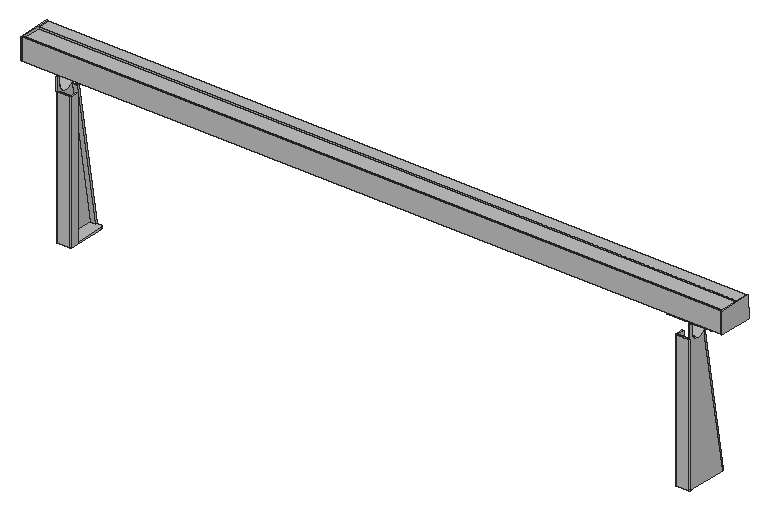
Revit family "4070765+4070747+4070772 Feilo Sylvania Lighting Fixtures CURSUS 1161MM 827LM OVAL LED 3K with SINGLE WALL HOUSING with 250MM WALL BRACKET", category Lighting Fixtures, host Face, Revit 2017
Family settings
  Host = Face
  Round Connector Dimension = Use Diameter
  Part Type = Normal
  OmniClass Number = 23.80.70.14
  OmniClass Title = Luminaries for External Lighting
  Cut with Voids When Loaded = Yes
  Light Source = No
  Shared = No
  Room Calculation Point = No
Parameters (values of type "4070765 CURSUS 1161MM 827LM OVAL LED 3K")
  Weight = "2.2 kg"
  Wattage Comments = "n/a"
  WarrantyStartDate [instance] = "n/a"
  WarrantyGuarantorParts = "n/a"
  WarrantyDurationUnit = "n/a"
  WarrantyDurationParts = "n/a"
  WarrantyDescription = "n/a"
  Voltage = 24 V
  URL = "http://www.sylvania-lighting.com"
  TypeName = "CURSUS 1161MM 827LM OVAL LED 3K"
  TypeFixture_FEILO = CURSUS with SINGLE WALL HOUSING : CURSUS 1161MM 827LM OVAL LED 3K
  Type Image = <None>
  Type Comments = "n/a"
  TiltAngle [instance] = 0.00°
  StartAngle [instance] = TiltAngle + 270.00°  # 270.00°
  SerialNumber [instance] = "n/a"
  ReflectorMaterial = none
  PowerFactor = 0
  PowerConsumption = "18 W"
  NominalLength = 1161 mm
  NominalHeight = 50 mm
  NominalDepth = 30 mm
  Name = "CURSUS 1161MM 827LM OVAL LED 3K"
  ModelReference = Name  # "CURSUS 1161MM 827LM OVAL LED 3K"
  ModelNumber = "4070765"
  Model = Name  # "CURSUS 1161MM 827LM OVAL LED 3K"
  Material = "natural anodised extruded aluminium structure housing, optical system with pmma lenses diffuser"
  ManufacturerName = "Feilo Sylvania"
  Manufacturer = "Feilo Sylvania"
  LuminousEfficacy = "45.94 lm/W"
  LuminaireType = ""
  LightOutputRatio = "100"
  LampsType = Lamp  # "LED"
  LampNominalLuminous = "827 lm"
  LampMacAdamStep = "n/a"
  LampColourTemperature = "3000 K"
  LampColourRenderingIndex = "80"
  Lamp = "LED"
  Keynote = "16500"
  InstallationDate [instance] = "n/a"
  InputVoltage = "24V DC"
  InputNominalFrequency = "n/a"
  IngressProtection = "IP67"
  ImpactProtectionIndex = "IK07"
  IfcExportType = "IfcLightFixtureType"
  IfcExportAs = "IfcLightFixtureType"
  ExpectedLife = 50000
  EndAngle [instance] = StartAngle - 180.00°  # 90.00°
  ElectricShockClassification = "Class III"
  DurationUnit = "hours"
  DocumentationLiterature = "http://www.sylvania-lighting.com/product/en-int/products/4070765"
  DimmingControlOptions = "n/a"
  DiffuserMaterial = Diffuser-Sylvania-Glow
  Description = "LED Exterior Lighting Recessed Surface Mounted Linear Fixture, Natural anodised extruded aluminium structure. Die-cast aluminium end caps. Installation kit with harmonic steel springs., 827 lm, 18W, 45lm/W, 3000K, CRI80+,non dimmable,IP67, IK07, (HxWxD) 1161x50x30mm, 3 step Mac Adam Ellipse, 2.2kg,, Classe III, 21-25V-DC, energy class : A++, A+, A"
  Default Elevation = 1219.2 mm
  CreatedOn = "1/8/2018"
  CreatedBy = ""
  Cost = 0
  built-in parameter 1114216 [instance] = (empty or 0)
  ClassificationValue = "EF_70_80"
  ClassificationName = "Uniclass2015"
  BracketWidth = 24 mm
  BracketThickness = 2 mm
  BracketHeightEnd = 32 mm
  BracketHeight = 70 mm
  BracketFlange = BracketHeight / 5  # 14 mm
  BracketExtension = 250 mm
  BracketEndReduction = 25 mm
  BracketC = 22 mm  # constant formula
  BracketDistance = 1030 mm
  BracketD = BracketHeightEnd - (BracketC * (BracketHeight - BracketHeightEnd) / (BracketExtension - BracketEndReduction))  # 28.284 mm
  BodyMaterial = Body-Sylvania-Gray
  BarCode [instance] = "n/a"
  AssetType = "Fixed"
  AssetIdentifier [instance] = "n/a"
  Assembly Code = "D5020200"
  Apparent Load = 18 VA
  AccessoryMaterial = Diffuser-Sylvania-Glow
Reference planes
  plane 1 "Center (Front/Back)": y = 0
  plane 2: z = 0
  plane 3 "Center (Left/Right)": x = 0
  plane 4: x = -527
  plane 5: x = 527
  plane 6: y = 70
  plane 7: x = -503
  plane 8: x = 503
  plane 9: z = 250
  plane 10: z = 236
  plane 11: z = 2
  plane 12: z = 225
  plane 13: x = -525
  plane 14: y = 68
  plane 15: y = 2
  plane 16: x = -505
  plane 17: x = 505
  plane 18: x = 525
  plane 19: x = -515
  plane 20: x = 515
  plane 21: y = 14
  plane 22: y = 32
  plane 23: y = 30
  plane 24: z = 247
  plane 25: y = 28.284
  plane 26: y = 16
Forms (mm)
  Blend 1, solid, material "Body-Sylvania-Gray" <- "BodyMaterial"
    base sketch origin (1223.4, -4572, 2) x (0, -1, 0) y (1, 0, 0)
      loop
        line (-4640, -1738.4) -> (-4642, -1738.4) -> (-4642, -1748.4)
        arc (-4642, -1748.4) -> (-4641.414, -1749.814) -> (-4640, -1750.4) r 2
        line (-4640, -1750.4) -> (-4574, -1750.4)
        arc (-4574, -1750.4) -> (-4572.586, -1749.814) -> (-4572, -1748.4) r 2
        line (-4572, -1748.4) -> (-4572, -1728.4)
        arc (-4572, -1728.4) -> (-4572.586, -1726.986) -> (-4574, -1726.4) r 2
        line (-4574, -1726.4) -> (-4586, -1726.4) -> (-4586, -1728.4) -> (-4574, -1728.4) -> (-4574, -1748.4) -> (-4640, -1748.4) -> (-4640, -1738.4)
    top sketch origin (1223.4, -4572, 2) x (0, -1, 0) y (1, 0, 0)
      loop
        line (-4586, -1728.4) -> (-4574, -1728.4) -> (-4574, -1748.4) -> (-4602, -1748.4) -> (-4602, -1738.4) -> (-4604, -1738.4) -> (-4604, -1748.4)
        arc (-4604, -1748.4) -> (-4603.52, -1749.71) -> (-4602.309, -1750.4) r 2.028
        line (-4602.309, -1750.4) -> (-4574, -1750.4)
        arc (-4574, -1750.4) -> (-4572.586, -1749.814) -> (-4572, -1748.4) r 2
        line (-4572, -1748.4) -> (-4572, -1728.4)
        arc (-4572, -1728.4) -> (-4572.586, -1726.986) -> (-4574, -1726.4) r 2
        line (-4574, -1726.4) -> (-4586, -1726.4) -> (-4586, -1728.4)
    from 0 to 223
  Extrusion 2, solid, material "Body-Sylvania-Gray" <- "BodyMaterial"
    sketch origin (0, 0, 0) x (1, 0, 0) y (0, 1, 0)
      loop
        arc (-525, 70) -> (-526.414, 69.414) -> (-527, 68) r 2
        line (-527, 68) -> (-527, 2)
        arc (-527, 2) -> (-526.414, 0.586) -> (-525, 0) r 2
        line (-525, 0) -> (-505, 0)
        arc (-505, 0) -> (-503.586, 0.586) -> (-503, 2) r 2
        line (-503, 2) -> (-503, 62.5)
        arc (-503, 62.5) -> (-505.197, 67.803) -> (-510.5, 70) r 7.5
        line (-510.5, 70) -> (-525, 70)
      loop
        line (525, 70) -> (510.5, 70)
        arc (510.5, 70) -> (505.197, 67.803) -> (503, 62.5) r 7.5
        line (503, 62.5) -> (503, 2)
        arc (503, 2) -> (503.586, 0.586) -> (505, 0) r 2
        line (505, 0) -> (525, 0)
        arc (525, 0) -> (526.414, 0.586) -> (527, 2) r 2
        line (527, 2) -> (527, 68)
        arc (527, 68) -> (526.414, 69.414) -> (525, 70) r 2
    from 0 to 2
  Blend 3, solid, material "Body-Sylvania-Gray" <- "BodyMaterial"
    base sketch origin (1223.4, -4572, 2) x (0, -1, 0) y (1, 0, 0)
      loop
        line (-4640, -698.4) -> (-4574, -698.4) -> (-4574, -718.4) -> (-4586, -718.4) -> (-4586, -720.4) -> (-4574, -720.4)
        arc (-4574, -720.4) -> (-4572.586, -719.814) -> (-4572, -718.4) r 2
        line (-4572, -718.4) -> (-4572, -698.4)
        arc (-4572, -698.4) -> (-4572.586, -696.986) -> (-4574, -696.4) r 2
        line (-4574, -696.4) -> (-4640, -696.4)
        arc (-4640, -696.4) -> (-4641.414, -696.986) -> (-4642, -698.4) r 2
        line (-4642, -698.4) -> (-4642, -708.4) -> (-4640, -708.4) -> (-4640, -698.4)
    top sketch origin (1223.4, -4572, 2) x (0, -1, 0) y (1, 0, 0)
      loop
        line (-4602, -708.4) -> (-4602, -698.4) -> (-4574, -698.4) -> (-4574, -718.4) -> (-4586, -718.4) -> (-4586, -720.4) -> (-4574, -720.4)
        arc (-4574, -720.4) -> (-4572.586, -719.814) -> (-4572, -718.4) r 2
        line (-4572, -718.4) -> (-4572, -698.4)
        arc (-4572, -698.4) -> (-4572.586, -696.986) -> (-4574, -696.4) r 2
        line (-4574, -696.4) -> (-4602, -696.4)
        arc (-4602, -696.4) -> (-4603.414, -696.986) -> (-4604, -698.4) r 2
        line (-4604, -698.4) -> (-4604, -708.4) -> (-4602, -708.4)
    from 0 to 223
  Blend 4, solid, material "Body-Sylvania-Gray" <- "BodyMaterial"
    base sketch origin (1223.4, -4572, 225) x (0, -1, 0) y (1, 0, 0)
      loop
        line (-4604, -1750.4) -> (-4572, -1750.4) -> (-4572, -1748.4) -> (-4604, -1748.4) -> (-4604, -1750.4)
    top sketch origin (1223.4, -4572, 225) x (0, -1, 0) y (1, 0, 0)
      loop
        line (-4572, -1750.4) -> (-4572, -1748.4) -> (-4600.284, -1748.4) -> (-4600.284, -1750.4) -> (-4572, -1750.4)
    from 0 to 22
  Blend 5, solid, material "Body-Sylvania-Gray" <- "BodyMaterial"
    base sketch origin (1223.4, -4572, 225) x (0, -1, 0) y (1, 0, 0)
      loop
        line (-4604, -698.4) -> (-4572, -698.4) -> (-4572, -696.4) -> (-4604, -696.4) -> (-4604, -698.4)
    top sketch origin (1223.4, -4572, 225) x (0, -1, 0) y (1, 0, 0)
      loop
        line (-4572, -696.4) -> (-4600.284, -696.4) -> (-4600.284, -698.4) -> (-4572, -698.4) -> (-4572, -696.4)
    from 0 to 22
  Extrusion 6, void
    sketch origin (0, 0, 0) x (0, 1, 0) y (0, 0, 1)
      loop
        line (0, 225) -> (2, 225) -> (2, 226.5) -> (0, 226.5) -> (0, 225)
      loop
        line (32, 225) -> (32, 226.5) -> (30, 226.5) -> (30, 225) -> (32, 225)
    from -527 to 527
  Revolve 7, solid, not visible
    sketch origin (1524, 16, 1219.2) x (1, 0, 0) y (0, 0, 1)
      loop
        line (-1524, -972.2) -> (-1524, -983.2) -> (-1009, -983.2) -> (-1009, -972.2) -> (-1524, -972.2)
      axis (-1009, -983.2) -> (-1524, -983.2)
    angle from 270 <- "StartAngle" to 90 <- "EndAngle"
Cuts and joins
  Extrusion 6 cuts Blend 4
  Extrusion 6 cuts Blend 5
  joined: Blend 1, Extrusion 2, Blend 3, Blend 4, Blend 5
Lines and regions (mm)
  reference lines, not visible
    curve 1: line (-503, 16, 236) -> (503, 16, 236)
Dimensions and locks
  equal spacing: plane 4, plane 3 "Center (Left/Right)", plane 5
  "BracketDistance": plane 19 to plane 20
  "BracketHeight": plane 1 "Center (Front/Back)" to plane 6
  equal spacing: plane 7, plane 3 "Center (Left/Right)", plane 8
  "BracketWidth": plane 4 to plane 7
  "BracketExtension": plane 9 to plane 2
  "BracketThickness": plane 11 to plane 2
  "BracketEndReduction": plane 9 to plane 12
  equal spacing: plane 13, plane 3 "Center (Left/Right)", plane 18
  equal spacing: plane 16, plane 3 "Center (Left/Right)", plane 17
  "BracketThickness": plane 4 to plane 13
  "BracketThickness": plane 16 to plane 7
  "BracketThickness": plane 14 to plane 6
  "BracketThickness": plane 1 "Center (Front/Back)" to plane 15
  equal spacing: plane 4, plane 19, plane 7
  equal spacing: plane 8, plane 20, plane 5
  "BracketFlange": plane 1 "Center (Front/Back)" to plane 21
  "BracketHeightEnd": plane 1 "Center (Front/Back)" to plane 22
  "BracketThickness": plane 23 to plane 22
  locked: Extrusion 2 sketch curve to plane 7 at 7.5
  locked: Extrusion 2 sketch curve to plane 6 at 7.5  (x2)
  locked: plane 8 to Extrusion 2 sketch curve at 7.5
  "BracketC": plane 24 to plane 12
  "BracketD": plane 1 "Center (Front/Back)" to plane 25
  locked: plane 12 to Extrusion 6 sketch curve at 1.5
  equal spacing: plane 24, plane 10, plane 12
  equal spacing: plane 1 "Center (Front/Back)", plane 26, plane 22
  aligned and locked: plane 2 to host face
  aligned and locked: level to host face
  aligned and locked: plane 4 to Blend 1 sketch curve  (x2)
  aligned and locked: plane 13 to Blend 1 sketch curve  (x3)
  aligned and locked: Blend 1 sketch curve to plane 15
  aligned and locked: Blend 1 sketch curve to plane 16
  aligned and locked: Blend 1 sketch curve to plane 21
  aligned and locked: plane 7 to Blend 1 sketch curve
  aligned and locked: plane 16 to Blend 1 sketch curve
  aligned and locked: plane 1 "Center (Front/Back)" to Blend 1 sketch curve
  aligned and locked: plane 14 to Blend 1 sketch curve
  aligned and locked: Blend 1 sketch curve to var sketch  (x6)
  aligned and locked: Blend 1 sketch curve to plane 19
  aligned and locked: Blend 1 sketch curve to plane 22
  aligned and locked: plane 23 to Blend 1 sketch curve
  aligned and locked: plane 11 to Blend 1
  aligned and locked: Extrusion 2 sketch curve to Blend 1  (x3)
  aligned and locked: Extrusion 2 to level
  aligned and locked: Extrusion 2 to plane 11
  aligned and locked: Extrusion 2 sketch curve to plane 7
  aligned and locked: plane 18 to Blend 3 sketch curve  (x4)
  aligned and locked: plane 14 to Blend 3 sketch curve  (x2)
  aligned and locked: Blend 3 sketch curve to plane 20
  aligned and locked: Blend 3 sketch curve to plane 6
  aligned and locked: plane 5 to Blend 3 sketch curve
  aligned and locked: plane 1 "Center (Front/Back)" to Blend 3 sketch curve
  aligned and locked: plane 15 to Blend 3 sketch curve  (x2)
  aligned and locked: Blend 3 sketch curve to plane 8
  aligned and locked: Blend 3 sketch curve to plane 21
  aligned and locked: plane 17 to Blend 3 sketch curve
  aligned and locked: Blend 3 sketch curve to plane 18
  aligned and locked: plane 20 to Blend 3 sketch curve  (x2)
  aligned and locked: Blend 3 sketch curve to plane 23
  aligned and locked: Blend 3 sketch curve to var sketch  (x8)
  aligned and locked: var sketch to Blend 3 sketch curve
  aligned and locked: plane 22 to Blend 3 sketch curve
  aligned and locked: plane 11 to Blend 3
  aligned and locked: Extrusion 2 sketch curve to Blend 3  (x4)
  aligned and locked: Blend 1 to plane 12
  aligned and locked: Blend 3 to plane 12
  aligned and locked: Blend 4 sketch curve to plane 22
  aligned and locked: Blend 4 sketch curve to cut or joined group of Blend 1, Extrusion 2, Blend 3, Blend 4, Blend 5, Extrusion 6  (x2)
  aligned and locked: cut or joined group of Blend 1, Extrusion 2, Blend 3, Blend 4, Blend 5, Extrusion 6 to Blend 4 sketch curve
  aligned and locked: Blend 4 sketch curve to var sketch  (x2)
  aligned and locked: Blend 4 sketch curve to plane 13
  aligned and locked: Blend 4 to plane 24
  aligned and locked: Blend 4 sketch curve to plane 25
  aligned and locked: Blend 5 sketch curve to plane 18  (x2)
  aligned and locked: plane 1 "Center (Front/Back)" to Blend 5 sketch curve
  aligned and locked: plane 5 to Blend 5 sketch curve
  aligned and locked: plane 22 to Blend 5 sketch curve
  aligned and locked: Blend 5 sketch curve to var sketch
  aligned and locked: var sketch to Blend 5 sketch curve
  aligned and locked: Blend 5 sketch curve to plane 25
  aligned and locked: Blend 5 to plane 24
  aligned and locked: plane 12 to Blend 5
  aligned and locked: Extrusion 6 sketch curve to cut or joined group of Blend 1, Extrusion 2, Blend 3, Blend 4, Blend 5, Extrusion 6  (x2)
  aligned and locked: Extrusion 6 sketch curve to Extrusion 6 sketch curve
  aligned and locked: Extrusion 6 sketch curve to plane 15
  aligned and locked: plane 5 to Extrusion 6
  aligned and locked: Extrusion 6 to plane 4
  aligned and locked: Extrusion 6 sketch curve to plane 23
  aligned and locked: Revolve 7 sketch curve to plane 10  (x2)
  aligned and locked: plane 24 to Revolve 7 sketch curve
  aligned and locked: plane 3 "Center (Left/Right)" to Revolve 7 sketch curve
  aligned and locked: Revolve 7 sketch curve to plane 20
  aligned and locked: plane 7 to curve 1
  aligned and locked: plane 10 to curve 1
  aligned and locked: nested 1 to plane 5
  aligned and locked: nested 2 to plane 4
  aligned and locked: nested 1 to curve 1
  aligned and locked: nested 2 to curve 1
  aligned and locked: nested 1 to nested 3
  aligned and locked: nested 3 to plane 3 "Center (Left/Right)"
Automatic sketch dimensions
  host sketch curve to host sketch curve = 2438.4 mm  (x2)
  Blend 1 sketch curve to plane 13 = 0 mm
  plane 15 to Blend 1 sketch curve = 0 mm  (x3)
  Blend 1 sketch curve to plane 23 = 0.309 mm
  plane 6 to Blend 1 sketch curve = 0 mm
  plane 14 to Blend 1 sketch curve = 0 mm
  Blend 1 sketch curve to plane 19 = 0 mm
  Blend 3 sketch curve to plane 17 = 0 mm
  Extrusion 6 sketch curve to plane 1 "Center (Front/Back)" = 0 mm
  plane 12 to Extrusion 6 sketch curve = 0 mm
  Revolve 7 sketch curve to plane 4 = 1153 mm
  plane 5 to Revolve 7 sketch curve = 1161.4 mm
  curve 1 to plane 8 = 0 mm
Nested families
  nested 1: "MountingPlate" at (526, 16, 236) x (-1, 0, 0) z (0, 0, 1), type "MountingPlate"
  nested 2: "MountingPlate" at (-526, 16, 236) x (-1, 0, 0) z (0, 0, 1), type "MountingPlate"
  nested 3: "CURSUS with SINGLE WALL HOUSING" at (0, -4, 254) x (-1, 0, 0) z (0, 0, 1), type <- "TypeFixture_FEILO", type "CURSUS 1161MM 827LM OVAL LED 3K"
    with WarrantyStartDate "n/a", SerialNumber "n/a", InstallationDate "n/a", EndCapRight yes, EndCapLeft yes, built-in parameter 1114216 (empty or 0), BarCode "n/a", AssetIdentifier "n/a"
Connectors
  electrical at (0, 0, 0), driven by "Voltage", driven by "Apparent Load", driven by "PowerFactor"
    settings: index 1, voltage 24 V, apparent load 18 VA, apparent load phase1 0 VA, apparent load phase2 0 VA, apparent load phase3 0 VA, power factor 0, load classification "Other", number of poles 1, system type 30, power factor state 1, is connector primary yes, connector utility no, sub classification motor no, connector description ""
Definition of nested family "MountingPlate"
  Parameters (values of type "MountingPlate")
    URL = "http://www.feilosylvania.com"
    Type Comments = "n/a"
    ReflectorMaterial = none
    MountingPlateWidth = 76 mm
    MountingPlateThickness = 2 mm
    MountingPlateRadiusBack = 12 mm
    MountingPlateRadius = 3 mm
    MountingPlateHeight = 35 mm
    Model = "n/a"
    Manufacturer = "Feilo Sylvania"
    Keynote = "n/a"
    DiffuserMaterial = none
    Description = "n/a"
    Default Elevation = 1219.2 mm
    Cost = 0
    BodyMaterial = none
    Assembly Code = "n/a"
    AccessoryMaterial = none
  Reference planes
    plane 1 "Center (Front/Back)": y = 0
    plane 2: z = 0
    plane 3 "Center (Left/Right)": x = 0
    plane 4: x = -38
    plane 5: x = 38
    plane 6: y = 17.5
    plane 7: y = -17.5
    plane 8: x = -3
    plane 9: x = 3
    plane 10: z = 18
    plane 11: z = 16
    plane 12: y = 12.5
    plane 13: y = -12.5
    plane 14: x = -1
    plane 15: x = 1
    plane 16: z = -12.5
    plane 17: z = -14.5
  Forms (mm)
    Extrusion 1, solid
      sketch origin (1.653, 0, 0) x (1, 0, 0) y (0, 1, 0)
        loop
          line (-1219.2, 1219.2) -> (-1219.2, -1219.2) -> (1219.2, -1219.2) -> (1219.2, 1219.2) -> (-1219.2, 1219.2)
      from 0 to -304.8
    Extrusion 2, solid, material <- "BodyMaterial"
      sketch origin (1218.4, -4572, 16) x (0, -1, 0) y (-1, 0, 0)
        loop
          line (-4589.5, 1253.4) -> (-4589.5, 1224.4)
          arc (-4589.5, 1224.4) -> (-4588.621, 1222.279) -> (-4586.5, 1221.4) r 3
          line (-4586.5, 1221.4) -> (-4557.5, 1221.4)
          arc (-4557.5, 1221.4) -> (-4555.379, 1222.279) -> (-4554.5, 1224.4) r 3
          line (-4554.5, 1224.4) -> (-4554.5, 1253.4)
          arc (-4554.5, 1253.4) -> (-4555.379, 1255.521) -> (-4557.5, 1256.4) r 3
          line (-4557.5, 1256.4) -> (-4586.5, 1256.4)
          arc (-4586.5, 1256.4) -> (-4588.621, 1255.521) -> (-4589.5, 1253.4) r 3
        loop
          arc (-4589.5, 1183.4) -> (-4588.621, 1181.279) -> (-4586.5, 1180.4) r 3
          line (-4586.5, 1180.4) -> (-4557.5, 1180.4)
          arc (-4557.5, 1180.4) -> (-4555.379, 1181.279) -> (-4554.5, 1183.4) r 3
          line (-4554.5, 1183.4) -> (-4554.5, 1212.4)
          arc (-4554.5, 1212.4) -> (-4555.379, 1214.521) -> (-4557.5, 1215.4) r 3
          line (-4557.5, 1215.4) -> (-4586.5, 1215.4)
          arc (-4586.5, 1215.4) -> (-4588.621, 1214.521) -> (-4589.5, 1212.4) r 3
          line (-4589.5, 1212.4) -> (-4589.5, 1183.4)
      from 0 to -2
    Extrusion 3, solid, material <- "BodyMaterial"
      sketch origin (0, 0, 0) x (1, 0, 0) y (0, 0, 1)
        loop
          line (-3, 18) -> (-3, -12.5) -> (-1, -12.5) -> (-1, 16)
          arc (-1, 16) -> (-1.586, 17.414) -> (-3, 18) r 2
        loop
          line (3, -12.5) -> (3, 18)
          arc (3, 18) -> (1.586, 17.414) -> (1, 16) r 2
          line (1, 16) -> (1, -12.5) -> (3, -12.5)
      from -12.5 to 12.5
    Extrusion 4, void
      sketch origin (0, 0, 0) x (0, 1, 0) y (0, 0, 1)
        loop
          line (-12.5, -0.5) -> (-17.5, -0.5) -> (-17.5, -14.5) -> (-0.5, -14.5) -> (-0.5, -12.5)
          arc (-0.5, -12.5) -> (-8.985, -8.985) -> (-12.5, -0.5) r 12
        loop
          line (0.5, -12.5) -> (0.5, -14.5) -> (17.5, -14.5) -> (17.5, -0.5) -> (12.5, -0.5)
          arc (12.5, -0.5) -> (8.985, -8.985) -> (0.5, -12.5) r 12
      from -3 to 3
  Cuts and joins
    Extrusion 4 cuts Extrusion 2
    Extrusion 4 cuts Extrusion 3
    joined: Extrusion 2, Extrusion 3
  Lines and regions (mm)
    reference lines
      curve 1: line (-38, 0, 0) -> (38, 0, 0)
  Dimensions and locks
    equal spacing: plane 4, plane 3 "Center (Left/Right)", plane 5
    "MountingPlateWidth": plane 4 to plane 5
    equal spacing: plane 7, plane 1 "Center (Front/Back)", plane 6
    "MountingPlateHeight": plane 7 to plane 6
    equal spacing: plane 8, plane 3 "Center (Left/Right)", plane 9
    "MountingPlateHeight": plane 4 to plane 8
    locked: plane 10 to plane 2 at 18
    "MountingPlateThickness": plane 10 to plane 11
    equal spacing: plane 13, plane 1 "Center (Front/Back)", plane 12
    locked: plane 13 to plane 12 at 25
    "MountingPlateRadius": plane 4 to Extrusion 2 sketch curve  (x2)
    "MountingPlateRadius": Extrusion 2 sketch curve to plane 6  (x4)
    "MountingPlateRadius": Extrusion 2 sketch curve to plane 8  (x2)
    "MountingPlateRadius": plane 7 to Extrusion 2 sketch curve  (x4)
    "MountingPlateRadius": plane 9 to Extrusion 2 sketch curve  (x2)
    "MountingPlateRadius": Extrusion 2 sketch curve to plane 5  (x2)
    equal spacing: plane 15, plane 3 "Center (Left/Right)", plane 14
    "MountingPlateThickness": plane 14 to plane 8
    locked: plane 2 to plane 16 at 12.5
    locked: plane 17 to plane 16 at 2
    "MountingPlateRadiusBack": plane 13 to Extrusion 4 sketch curve
    "MountingPlateRadiusBack": plane 16 to Extrusion 4 sketch curve  (x2)
    "MountingPlateRadiusBack": Extrusion 4 sketch curve to plane 12
    aligned and locked: plane 2 to Extrusion 1
    aligned and locked: level to Extrusion 1
    aligned and locked: Extrusion 2 sketch curve to plane 6
    aligned and locked: Extrusion 2 sketch curve to plane 4
    aligned and locked: plane 7 to Extrusion 2 sketch curve
    aligned and locked: plane 8 to Extrusion 2 sketch curve
    aligned and locked: plane 6 to Extrusion 2 sketch curve
    aligned and locked: Extrusion 2 sketch curve to plane 5
    aligned and locked: Extrusion 2 sketch curve to plane 7
    aligned and locked: plane 9 to Extrusion 2 sketch curve
    aligned and locked: Extrusion 2 to plane 10
    aligned and locked: plane 11 to Extrusion 2
    aligned and locked: Extrusion 3 sketch curve to Extrusion 2  (x2)
    aligned and locked: plane 16 to Extrusion 3 sketch curve  (x2)
    aligned and locked: plane 14 to Extrusion 3 sketch curve
    aligned and locked: plane 9 to Extrusion 3 sketch curve
    aligned and locked: plane 15 to Extrusion 3 sketch curve
    aligned and locked: Extrusion 3 to plane 12
    aligned and locked: plane 13 to Extrusion 3
    aligned and locked: plane 17 to Extrusion 4 sketch curve  (x2)
    aligned and locked: Extrusion 4 sketch curve to plane 7
    aligned and locked: Extrusion 4 sketch curve to plane 6
    aligned and locked: plane 9 to Extrusion 4
    aligned and locked: Extrusion 4 to plane 8
    aligned and locked: plane 4 to curve 1
    aligned and locked: curve 1 to level
  Automatic sketch dimensions
    Extrusion 1 sketch curve to Extrusion 1 sketch curve = 2438.4 mm  (x2)
    Extrusion 3 sketch curve to plane 11 = 0 mm
    curve 1 to plane 5 = 0 mm
    Extrusion 4 sketch curve to plane 13 = 0 mm
    Extrusion 4 sketch curve to plane 12 = 0 mm
Definition of nested family "CURSUS with SINGLE WALL HOUSING"
  Parameters (values of type "CURSUS 1161MM 827LM OVAL LED 3K")
    Width_FEILO = 35 mm
    Weight = "2.2 kg"
    Wattage Comments = "n/a"
    Wattage = 18 W
    WarrantyStartDate [instance] = "n/a"
    WarrantyGuarantorParts = "n/a"
    WarrantyDurationUnit = "n/a"
    WarrantyDurationParts = "n/a"
    WarrantyDescription = "n/a"
    WallThickness_FEILO = 2.5 mm
    built-in parameter 1150110 = 1 (stored number, unit not read)
    Voltage = 24 V
    URL = "http://www.feilosylvania.com"
    TypeName = "CURSUS 1161MM 827LM OVAL LED 3K"
    Type Image = (empty or 0)
    Type Comments = "n/a"
    built-in parameter 1114217 = 1 (stored number, unit not read)
    Tilt Angle = -90.00°
    built-in parameter 1150109 = 1 (stored number, unit not read)
    built-in parameter 1150134 = (empty or 0)
    built-in parameter 1150113 = 1 (stored number, unit not read)
    SerialNumber [instance] = "n/a"
    ReflectorMaterial = none
    PowerFactor = 0
    PowerConsumption = "18 W"
    Photometric Web File = "4070765.ies"
    NominalLength = 1161 mm
    NominalHeight = 50 mm
    NominalDepth = 30 mm
    Name = "CURSUS 1161MM 827LM OVAL LED 3K"
    ModelReference = Name  # "CURSUS 1161MM 827LM OVAL LED 3K"
    ModelNumber = ""
    Model = Name  # "CURSUS 1161MM 827LM OVAL LED 3K"
    Material = "natural anodised extruded aluminium structure housing, optical system with pmma lenses diffuser"
    ManufacturerName = "Feilo Sylvania"
    Manufacturer = "Feilo Sylvania"
    LuminousEfficacy = "45.94 lm/W"
    built-in parameter 1150105 = 1166.5 (stored number, unit not read)
    Lumens = 827 lm
    LuminaireType = ""
    built-in parameter 1150115 = 1 (stored number, unit not read)
    LightOutputRatio = "100"
    built-in parameter 1150137 = (empty or 0)
    built-in parameter 1150139 = (empty or 0)
    Length_FEILO = 1167 mm
    LampsType = Lamp  # "LED"
    LampNominalLuminous = "827 lm"
    LampMacAdamStep = "n/a"
    LampColourTemperature = "3000 K"
    LampColourRenderingIndex = "80"
    built-in parameter 1150112 = 1 (stored number, unit not read)
    built-in parameter 1150114 = 1 (stored number, unit not read)
    Lamp = "LED"
    Keynote = "16500"
    InstallationDate [instance] = "n/a"
    InputVoltage = "24V DC"
    InputNominalFrequency = "n/a"
    built-in parameter 1150132 = (empty or 0)
    built-in parameter 1150102 = (empty or 0)
    built-in parameter 1150107 = 3000 (stored number, unit not read)
    built-in parameter 1150138 = (empty or 0)
    IngressProtection = "IP67"
    ImpactProtectionIndex = "IK07"
    built-in parameter 1150106 = 11.665 (stored number, unit not read)
    IfcExportType = "IfcLightFixtureType"
    IfcExportAs = "IfcLightFixtureType"
    ExpectedLife = 50000
    EndCapRight [instance] = yes
    EndCapLeft [instance] = yes
    Emit from Rectangle Width = Width_FEILO - WallThickness_FEILO * 2  # 30 mm
    Emit from Rectangle Length = Length_FEILO - WallThickness_FEILO * 2  # 1162 mm
    Emit Shape Visible in Rendering = no
    ElectricShockClassification = "Class III"
    built-in parameter 1150104 = 4.2684 (stored number, unit not read)
    DurationUnit = "hours"
    DocumentationLiterature = "http://www.feilosylvania.com/product/en-int/products/4070765"
    DimmingControlOptions = "n/a"
    Dimming Lamp Color Temperature Shift = (empty or 0)
    DiffuserMaterial = none
    Description = "LED Exterior Lighting Recessed Surface Mounted Linear Fixture, Natural anodised extruded aluminium structure. Die-cast aluminium end caps. Installation kit with harmonic steel springs., 827 lm, 18W, 45lm/W, 3000K, CRI80+,non dimmable,IP67, IK07, (HxWxD) 1161x50x30mm, 3 step Mac Adam Ellipse, 2.2kg,, Classe III, 21-25V-DC, energy class : A++, A+, A"
    Default Elevation = 1219.2 mm
    CreatedOn = "1/8/2018"
    CreatedBy = "aron.fodor@feilosylvania.com"
    Cost = 0
    Color Filter = 16777215
    built-in parameter 1114216 [instance] = (empty or 0)
    ClassificationValue = "EF_70_80"
    ClassificationName = "Uniclass2015"
    BodyMaterial = none
    BarCode [instance] = "n/a"
    built-in parameter 1114218 = 1 (stored number, unit not read)
    built-in parameter 1150133 = 10 (stored number, unit not read)
    AssetType = "Fixed"
    AssetIdentifier [instance] = "n/a"
    Assembly Code = "D5020200"
    Apparent Load = 18 VA
    AccessoryMaterial = none
  Types (16, lengths in mm): name | Weight | Wattage | Voltage | TypeName | built-in parameter 1150134 | PowerConsumption | Photometric Web File | NominalLength | Name | ModelReference | Model | Material | LuminousEfficacy | built-in parameter 1150105 | Lumens | Length_FEILO | LampNominalLuminous | LampColourTemperature | InputVoltage | InputNominalFrequency | built-in parameter 1150107 | built-in parameter 1150106 | Emit from Rectangle Length | built-in parameter 1150104 | DocumentationLiterature | Description | Apparent Load
    CURSUS 1161MM 827LM OVAL LED 3K | "2.2 kg" | 18 W | 24 V | "CURSUS 1161MM 827LM OVAL LED 3K" | (empty or 0) | "18 W" | "4070765.ies" | 1161 | "CURSUS 1161MM 827LM OVAL LED 3K" | "CURSUS 1161MM 827LM OVAL LED 3K" | "CURSUS 1161MM 827LM OVAL LED 3K" | "natural anodised extruded aluminium structure housing, optical system with pmma lenses diffuser" | "45.94 lm/W" | 1166.5 (stored number, unit not read) | 827 lm | 1167 | "827 lm" | "3000 K" | "24V DC" | "n/a" | 3000 (stored number, unit not read) | 11.665 (stored number, unit not read) | 1162 | 4.2684 (stored number, unit not read) | "http://www.feilosylvania.com/product/en-int/products/4070765" | "LED Exterior Lighting Recessed Surface Mounted Linear Fixture, Natural anodised extruded aluminium structure. Die-cast aluminium end caps. Installation kit with harmonic steel springs., 827 lm, 18W, 45lm/W, 3000K, CRI80+,non dimmable,IP67, IK07, (HxWxD) 1161x50x30mm, 3 step Mac Adam Ellipse, 2.2kg,, Classe III, 21-25V-DC, energy class : A++, A+, A" | 18 VA
    CURSUS 1161MM 731LM WIDE LED 3K | "2.2 kg" | 18 W | 230 V | "CURSUS 1161MM 731LM WIDE LED 3K" | (empty or 0) | "18 W" | "4070764.ies" | 1161 | "CURSUS 1161MM 731LM WIDE LED 3K" | "CURSUS 1161MM 731LM WIDE LED 3K" | "CURSUS 1161MM 731LM WIDE LED 3K" | "natural anodised extruded aluminium structure housing" | "40.61 lm/W" | 403.47 (stored number, unit not read) | 731 lm | 1167 | "731 lm" | "3000 K" | "220-240V~" | "n/a" | 3000 (stored number, unit not read) | 4.0347 (stored number, unit not read) | 1162 | 3.7729 (stored number, unit not read) | "http://www.feilosylvania.com/product/en-int/products/4070764" | "LED Exterior Lighting Recessed Surface Mounted Linear Fixture, Natural anodised extruded aluminium structure. Die-cast aluminium end caps. Installation kit with harmonic steel springs., 731 lm, 18W, 40lm/W, 3000K, CRI80+,non dimmable,IP67, IK07, (HxWxD) 1161x50x30mm, 3 step Mac Adam Ellipse, 2.2kg,, Classe III, 21-25V-DC, energy class : A++, A+, A" | 18 VA
    CURSUS 1161MM 871LM OVAL LED 4K | "2.2 kg" | 18 W | 24 V | "CURSUS 1161MM 871LM OVAL LED 4K" | 12 | "18 W" | "4070763.ies" | 1161 | "CURSUS 1161MM 871LM OVAL LED 4K" | "CURSUS 1161MM 871LM OVAL LED 4K" | "CURSUS 1161MM 871LM OVAL LED 4K" | "natural anodised extruded aluminium structure housing, optical system with pmma lenses diffuser" | "48.38 lm/W" | 1192.8 (stored number, unit not read) | 871 lm | 1167 | "871 lm" | "4000 K" | "24V DC" | "50/60 Hz" | 4000 (stored number, unit not read) | 11.928 (stored number, unit not read) | 1162 | 4.4955 (stored number, unit not read) | "http://www.feilosylvania.com/product/en-int/products/4070763" | "LED Exterior Lighting Recessed Surface Mounted Linear Fixture, Natural anodised extruded aluminium structure. Die-cast aluminium end caps. Installation kit with harmonic steel springs., 871 lm, 18W,  48lm/W, 4000K, CRI80+,non dimmable,IP67, IK07, (HxWxD) 1161x50x30mm, 3 step Mac Adam Ellipse, 2.2kg,, Classe III, 21-25V-DC, energy class : A++, A+, A" | 18 VA
    CURSUS 1161MM 770LM WIDE LED 4K | "2.2 kg" | 18 W | 230 V | "CURSUS 1161MM 770LM WIDE LED 4K" | 12 | "18 W" | "4070762.ies" | 1161 | "CURSUS 1161MM 770LM WIDE LED 4K" | "CURSUS 1161MM 770LM WIDE LED 4K" | "CURSUS 1161MM 770LM WIDE LED 4K" | "natural anodised extruded aluminium structure housing" | "42.77 lm/W" | 424.94 (stored number, unit not read) | 770 lm | 1167 | "770 lm" | "4000 K" | "220-240V~" | "n/a" | 4000 (stored number, unit not read) | 4.2494 (stored number, unit not read) | 1162 | 3.9742 (stored number, unit not read) | "http://www.feilosylvania.com/product/en-int/products/4070762" | "LED Exterior Lighting Recessed Surface Mounted Linear Fixture, Natural anodised extruded aluminium structure. Die-cast aluminium end caps. Installation kit with harmonic steel springs., 770 lm, 18W,  42lm/W, 4000K, CRI80+,non dimmable,IP67, IK07, (HxWxD) 1161x50x30mm, 3 step Mac Adam Ellipse, 2.2kg,, Classe III, 21-25V-DC, energy class : A++, A+, A" | 18 VA
    CURSUS 876MM 620LM OVAL LED 3K | "1.7 kg" | 13.5 W | 24 V | "CURSUS 876MM 620LM OVAL LED 3K" | (empty or 0) | "13.5 W" | "4070758.ies" | 876 | "CURSUS 876MM 620LM OVAL LED 3K" | "CURSUS 876MM 620LM OVAL LED 3K" | "CURSUS 876MM 620LM OVAL LED 3K" | "natural anodised extruded aluminium structure housing, optical system with pmma lenses diffuser" | "45.92 lm/W" | 874.55 (stored number, unit not read) | 620 lm | 882 | "620 lm" | "3000 K" | "24V DC" | "50/60 Hz" | 3000 (stored number, unit not read) | 8.7455 (stored number, unit not read) | 877 | 4.2667 (stored number, unit not read) | "http://www.feilosylvania.com/product/en-int/products/4070758" | "LED Exterior Lighting Recessed Surface Mounted Linear Fixture, Natural anodised extruded aluminium structure. Die-cast aluminium end caps. Installation kit with harmonic steel springs., 620 lm, 13,5W, 45lm/W, 3000K, CRI80+,non dimmable,IP67, IK07, (HxWxD) 876x50x30mm, 3 step Mac Adam Ellipse, 1.7kg,, Classe III, 21-25V-DC, energy class : A++, A+, A" | 13.5 VA
    CURSUS 876MM 548LM WIDE LED 3K | "1.7 kg" | 13.5 W | 24 V | "CURSUS 876MM 548LM WIDE LED 3K" | (empty or 0) | "13.5 W" | "4070757.ies" | 876 | "CURSUS 876MM 548LM WIDE LED 3K" | "CURSUS 876MM 548LM WIDE LED 3K" | "CURSUS 876MM 548LM WIDE LED 3K" | "natural anodised extruded aluminium structure housing" | "40.59 lm/W" | 302.47 (stored number, unit not read) | 548 lm | 882 | "548 lm" | "3000 K" | "24V DC" | "n/a" | 3000 (stored number, unit not read) | 3.0247 (stored number, unit not read) | 877 | 3.7712 (stored number, unit not read) | "http://www.feilosylvania.com/product/en-int/products/4070757" | "LED Exterior Lighting Recessed Surface Mounted Linear Fixture, Natural anodised extruded aluminium structure. Die-cast aluminium end caps. Installation kit with harmonic steel springs., 548 lm, 13,5W, 40lm/W, 3000K, CRI80+,non dimmable,IP67, IK07, (HxWxD) 876x50x30mm, 3 step Mac Adam Ellipse, 1.7kg,, Classe III, 21-25V-DC, energy class : A++, A+, A" | 13.5 VA
    CURSUS 876MM 653LM OVAL LED 4K | "1.7 kg" | 13.5 W | 24 V | "CURSUS 876MM 653LM OVAL LED 4K" | 12 | "13.5 W" | "4070756.ies" | 876 | "CURSUS 876MM 653LM OVAL LED 4K" | "CURSUS 876MM 653LM OVAL LED 4K" | "CURSUS 876MM 653LM OVAL LED 4K" | "natural anodised extruded aluminium structure housing, optical system with pmma lenses diffuser" | "48.37 lm/W" | 894.28 (stored number, unit not read) | 653 lm | 882 | "653 lm" | "4000 K" | "24V DC" | "n/a" | 4000 (stored number, unit not read) | 8.9428 (stored number, unit not read) | 877 | 4.4938 (stored number, unit not read) | "http://www.feilosylvania.com/product/en-int/products/4070756" | "LED Exterior Lighting Recessed Surface Mounted Linear Fixture, Natural anodised extruded aluminium structure. Die-cast aluminium end caps. Installation kit with harmonic steel springs., 653 lm, 13,5W,  48lm/W, 4000K, CRI80+,non dimmable,IP67, IK07, (HxWxD) 876x50x30mm, 3 step Mac Adam Ellipse, 1.7kg,, Classe III, 21-25V-DC, energy class : A++, A+, A" | 13.5 VA
    CURSUS 876MM 577LM WIDE LED 4K | "1.7 kg" | 13.5 W | 24 V | "CURSUS 876MM 577LM WIDE LED 4K" | 12 | "13.5 W" | "4070755.ies" | 876 | "CURSUS 876MM 577LM WIDE LED 4K" | "CURSUS 876MM 577LM WIDE LED 4K" | "CURSUS 876MM 577LM WIDE LED 4K" | "natural anodised extruded aluminium structure housing" | "42.74 lm/W" | 318.43 (stored number, unit not read) | 577 lm | 882 | "577 lm" | "4000 K" | "24V DC" | "n/a" | 4000 (stored number, unit not read) | 3.1843 (stored number, unit not read) | 877 | 3.9707 (stored number, unit not read) | "http://www.feilosylvania.com/product/en-int/products/4070755" | "LED Exterior Lighting Recessed Surface Mounted Linear Fixture, Natural anodised extruded aluminium structure. Die-cast aluminium end caps. Installation kit with harmonic steel springs., 577 lm, 13,5W,  42lm/W, 4000K, CRI80+,non dimmable,IP67, IK07, (HxWxD) 876x50x30mm, 3 step Mac Adam Ellipse, 1.7kg,, Classe III, 21-25V-DC, energy class : A++, A+, A" | 13.5 VA
    CURSUS 591MM 414LM OVAL LED 3K | "1.2 kg" | 9 W | 24 V | "CURSUS 591MM 414LM OVAL LED 3K" | (empty or 0) | "9 W" | "4070751.ies" | 591 | "CURSUS 591MM 414LM OVAL LED 3K" | "CURSUS 591MM 414LM OVAL LED 3K" | "CURSUS 591MM 414LM OVAL LED 3K" | "natural anodised extruded aluminium structure housing, optical system with pmma lenses diffuser" | "46 lm/W" | 583.97 (stored number, unit not read) | 414 lm | 597 | "414 lm" | "3000 K" | "24V DC" | "n/a" | 3000 (stored number, unit not read) | 5.8397 (stored number, unit not read) | 592 | 4.2735 (stored number, unit not read) | "http://www.feilosylvania.com/product/en-int/products/4070751" | "LED Exterior Lighting Recessed Surface Mounted Linear Fixture, Natural anodised extruded aluminium structure. Die-cast aluminium end caps. Installation kit with harmonic steel springs., 414 lm, 9W, 46lm/W, 3000K, CRI80+,non dimmable,IP67, IK07, (HxWxD) 591x50x30mm, 3 step Mac Adam Ellipse, 1.2kg,, Classe III, 21-25V-DC, energy class : A++, A+, A" | 9 VA
    CURSUS 591MM 365LM WIDE LED 3K | "1.2 kg" | 9 W | 24 V | "CURSUS 591MM 365LM WIDE LED 3K" | (empty or 0) | "9 W" | "4070750.ies" | 591 | "CURSUS 591MM 365LM WIDE LED 3K" | "CURSUS 591MM 365LM WIDE LED 3K" | "CURSUS 591MM 365LM WIDE LED 3K" | "natural anodised extruded aluminium structure housing" | "40.55 lm/W" | 201.45 (stored number, unit not read) | 365 lm | 597 | "365 lm" | "3000 K" | "24V DC" | "n/a" | 3000 (stored number, unit not read) | 2.0145 (stored number, unit not read) | 592 | 3.7677 (stored number, unit not read) | "http://www.feilosylvania.com/product/en-int/products/4070750" | "LED Exterior Lighting Recessed Surface Mounted Linear Fixture, Natural anodised extruded aluminium structure. Die-cast aluminium end caps. Installation kit with harmonic steel springs., 365 lm, 9W, 40lm/W, 3000K, CRI80+,non dimmable,IP67, IK07, (HxWxD) 591x50x30mm, 3 step Mac Adam Ellipse, 1.2kg,, Classe III, 21-25V-DC, energy class : A++, A+, A" | 9 VA
    CURSUS 591MM 435LM OVAL LED 4K | "1.2 kg" | 9 W | 24 V | "CURSUS 591MM 435LM OVAL LED 4K" | 12 | "9 W" | "4070749.ies" | 591 | "CURSUS 591MM 435LM OVAL LED 4K" | "CURSUS 591MM 435LM OVAL LED 4K" | "CURSUS 591MM 435LM OVAL LED 4K" | "natural anodised extruded aluminium structure housing, optical system with pmma lenses diffuser" | "48.33 lm/W" | 595.73 (stored number, unit not read) | 435 lm | 597 | "435 lm" | "4000 K" | "24V DC" | "n/a" | 4000 (stored number, unit not read) | 5.9573 (stored number, unit not read) | 592 | 4.4903 (stored number, unit not read) | "http://www.feilosylvania.com/product/en-int/products/4070749" | "LED Exterior Lighting Recessed Surface Mounted Linear Fixture, Natural anodised extruded aluminium structure. Die-cast aluminium end caps. Installation kit with harmonic steel springs., 435 lm, 9W, 48lm/W, 4000K, CRI80+,non dimmable,IP67, IK07, (HxWxD) 591x50x30mm, 3 step Mac Adam Ellipse, 1.2kg,, Classe III, 21-25V-DC, energy class : A++, A+, A" | 9 VA
    CURSUS 591MM 385LM WIDE LED 4K | "1.2 kg" | 9 W | 24 V | "CURSUS 591MM 385LM WIDE LED 4K" | 12 | "9 W" | "4070748.ies" | 591 | "CURSUS 591MM 385LM WIDE LED 4K" | "CURSUS 591MM 385LM WIDE LED 4K" | "CURSUS 591MM 385LM WIDE LED 4K" | "natural anodised extruded aluminium structure housing" | "42.77 lm/W" | 212.47 (stored number, unit not read) | 385 lm | 597 | "385 lm" | "4000 K" | "24V DC" | "n/a" | 4000 (stored number, unit not read) | 2.1247 (stored number, unit not read) | 592 | 3.9742 (stored number, unit not read) | "http://www.feilosylvania.com/product/en-int/products/4070748" | "LED Exterior Lighting Recessed Surface Mounted Linear Fixture, Natural anodised extruded aluminium structure. Die-cast aluminium end caps. Installation kit with harmonic steel springs., 385 lm, 9W,  42lm/W, 4000K, CRI80+,non dimmable,IP67, IK07, (HxWxD) 591x50x30mm, 3 step Mac Adam Ellipse, 1.2kg,, Classe III, 21-25V-DC, energy class : A++, A+, A" | 9 VA
    CURSUS 306MM 207LM OVAL LED3K | "0.6 kg" | 4.5 W | 24 V | "CURSUS 306MM 207LM OVAL LED3K" | (empty or 0) | "4.5 W" | "4070744.ies" | 306 | "CURSUS 306MM 207LM OVAL LED3K" | "CURSUS 306MM 207LM OVAL LED3K" | "CURSUS 306MM 207LM OVAL LED3K" | "natural anodised extruded aluminium structure housing, optical system with pmma lenses diffuser" | "46 lm/W" | 291.98 (stored number, unit not read) | 207 lm | 312 | "207 lm" | "3000 K" | "24V DC" | "n/a" | 3000 (stored number, unit not read) | 2.9198 (stored number, unit not read) | 307 | 4.2735 (stored number, unit not read) | "http://www.feilosylvania.com/product/en-int/products/4070744" | "LED Exterior Lighting Recessed Surface Mounted Linear Fixture, Natural anodised extruded aluminium structure. Die-cast aluminium end caps. Installation kit with harmonic steel springs., 207 lm, 4,5W, 46lm/W, 3000K, CRI80+,non dimmable,IP67, IK07, (HxWxD) 306x50x30mm, 3 step Mac Adam Ellipse, 0.6kg,, Classe III, 21-25V-DC, energy class : A++, A+, A" | 4.5 VA
    CURSUS 306MM 183LM WIDE LED 3K | "0.6 kg" | 4.5 W | 24 V | "CURSUS 306MM 183LM WIDE LED 3K" | (empty or 0) | "4.5 W" | "4070743.ies" | 306 | "CURSUS 306MM 183LM WIDE LED 3K" | "CURSUS 306MM 183LM WIDE LED 3K" | "CURSUS 306MM 183LM WIDE LED 3K" | "natural anodised extruded aluminium structure housing" | "40.66 lm/W" | 101.01 (stored number, unit not read) | 183 lm | 312 | "183 lm" | "3000 K" | "24V DC" | "n/a" | 3000 (stored number, unit not read) | 1.0101 (stored number, unit not read) | 307 | 3.7781 (stored number, unit not read) | "http://www.feilosylvania.com/product/en-int/products/4070743" | "LED Exterior Lighting Recessed Surface Mounted Linear Fixture, Natural anodised extruded aluminium structure. Die-cast aluminium end caps. Installation kit with harmonic steel springs., 183 lm, 4,5W, 40lm/W, 3000K, CRI80+,non dimmable,IP67, IK07, (HxWxD) 306x50x30mm, 3 step Mac Adam Ellipse, 0.6kg,, Classe III, 21-25V-DC, energy class : A++, A+, A" | 4.5 VA
    CURSUS 306MM 218LM OVAL LED 4K | "0.6 kg" | 4.5 W | 24 V | "CURSUS 306MM 218LM OVAL LED 4K" | 12 | "4.5 W" | "4070742.ies" | 306 | "CURSUS 306MM 218LM OVAL LED 4K" | "CURSUS 306MM 218LM OVAL LED 4K" | "CURSUS 306MM 218LM OVAL LED 4K" | "natural anodised extruded aluminium structure housing, optical system with pmma lenses diffuser" | "48.44 lm/W" | 298.55 (stored number, unit not read) | 218 lm | 312 | "218 lm" | "4000 K" | "24V DC" | "n/a" | 4000 (stored number, unit not read) | 2.9855 (stored number, unit not read) | 307 | 4.5006 (stored number, unit not read) | "http://www.feilosylvania.com/product/en-int/products/4070742" | "LED Exterior Lighting Recessed Surface Mounted Linear Fixture, Natural anodised extruded aluminium structure. Die-cast aluminium end caps. Installation kit with harmonic steel springs., 218 lm, 4,5W,  48lm/W, 4000K, CRI80+,non dimmable,IP67, IK07, (HxWxD) 306x50x30mm, 3 step Mac Adam Ellipse, 0.6kg,, Classe III, 21-25V-DC, energy class : A++, A+, A" | 4.5 VA
    CURSUS 306MM 192LM WIDE LED 4K | "0.6 kg" | 4.5 W | 24 V | "CURSUS 306MM 192LM WIDE LED 4K" | 12 | "4.5 W" | "4070741.ies" | 306 | "CURSUS 306MM 192LM WIDE LED 4K" | "CURSUS 306MM 192LM WIDE LED 4K" | "CURSUS 306MM 192LM WIDE LED 4K" | "natural anodised extruded aluminium structure housing" | "42.66 lm/W" | 105.96 (stored number, unit not read) | 192 lm | 312 | "192 lm" | "4000 K" | "24V DC" | "n/a" | 4000 (stored number, unit not read) | 1.0596 (stored number, unit not read) | 307 | 3.9639 (stored number, unit not read) | "http://www.feilosylvania.com/product/en-int/products/4070741" | "LED Exterior Lighting Recessed Surface Mounted Linear Fixture, Natural anodised extruded aluminium structure. Die-cast aluminium end caps. Installation kit with harmonic steel springs., 192 lm, 4,5W,  42lm/W, 4000K, CRI80+,non dimmable,IP67, IK07, (HxWxD) 306x50x30mm, 3 step Mac Adam Ellipse, 0.6kg,, Classe III, 21-25V-DC, energy class : A++, A+, A" | 4.5 VA
  Reference planes
    plane 1 "Center (Front/Back)": y = 0
    plane 2: z = 0
    plane 3 "Center (Left/Right)": x = 0
    plane 4: x = 583.5
    plane 5: x = -583.5
    plane 6: x = -581
    plane 7: x = 581
    plane 8: z = 35
    plane 9: z = 17.5
    plane 10: z = 32.5
    plane 11: z = 2.5
    plane 12: z = 30
    plane 13: z = 5
    plane 14: y = -55
    plane 15: y = -53
    plane 16: y = -2.5
    plane 17: y = -37
    plane 18: y = -34.5
  Forms (mm)
    Extrusion 1, solid
      sketch origin (4.2, 0, 0) x (1, 0, 0) y (0, 1, 0)
        loop
          line (-1219.2, 1219.2) -> (-1219.2, -1219.2) -> (1219.2, -1219.2) -> (1219.2, 1219.2) -> (-1219.2, 1219.2)
      from 0 to -304.8
    Extrusion 2, solid, material <- "BodyMaterial"
      sketch origin (0, 0, 0) x (0, 1, 0) y (0, 0, 1)
        loop
          line (0, 35) -> (-2.5, 35) -> (-2.5, 32.5) -> (-34.5, 32.5) -> (-34.5, 35) -> (-55, 35) -> (-55, 32.5) -> (-37, 32.5) -> (-37, 30) -> (-2.5, 30) -> (-2.5, 5) -> (-37, 5) -> (-37, 2.5) -> (-55, 2.5) -> (-55, 0) -> (-34.5, 0) -> (-34.5, 2.5) -> (-2.5, 2.5) -> (-2.5, 0) -> (0, 0) -> (0, 35)
      from -581 to 581
    Extrusion 3, solid, material <- "DiffuserMaterial"
      sketch origin (0, 0, 0) x (0, 1, 0) y (0, 0, 1)
        loop
          line (-37, 32.5) -> (-55, 32.5) -> (-55, 19.5) -> (-53, 17.5) -> (-55, 15.5) -> (-55, 2.5) -> (-37, 2.5) -> (-37, 32.5)
      from -581 to 581
    Extrusion 4, solid, material <- "BodyMaterial", visible <- "EndCapRight"
      sketch origin (581, 1524, 1219.2) x (0, 1, 0) y (0, 0, 1)
        loop
          line (-1579, -1184.2) -> (-1579, -1219.2) -> (-1524, -1219.2) -> (-1524, -1184.2) -> (-1579, -1184.2)
      from 0 to 2.5
    Extrusion 5, solid, material <- "BodyMaterial", visible <- "EndCapLeft"
      sketch origin (-581, 1524, 1219.2) x (0, 1, 0) y (0, 0, 1)
        loop
          line (-1579, -1184.2) -> (-1579, -1219.2) -> (-1524, -1219.2) -> (-1524, -1184.2) -> (-1579, -1184.2)
      from -2.5 to 0
  Dimensions and locks
    equal spacing: plane 5, plane 3 "Center (Left/Right)", plane 4
    "Length_FEILO": plane 5 to plane 4
    equal spacing: plane 6, plane 3 "Center (Left/Right)", plane 7
    "WallThickness_FEILO": plane 5 to plane 6
    locked: plane 9 to plane 2 at 17.5
    locked: plane 8 to plane 2 at 35
    equal spacing: plane 11, plane 9, plane 10
    equal spacing: plane 13, plane 9, plane 12
    "WallThickness_FEILO": plane 12 to plane 10
    locked: plane 14 to plane 15 at 2
    locked: plane 14 to plane 17 at 18
    "WallThickness_FEILO": plane 17 to plane 18
    "WallThickness_FEILO": plane 16 to plane 1 "Center (Front/Back)"
    locked: plane 15 to Extrusion 3 sketch curve (angle 45.00°)
    locked: Extrusion 3 sketch curve to plane 15 (angle 45.00°)
    aligned and locked: plane 2 to Extrusion 1
    aligned and locked: level to Extrusion 1
    aligned and locked: plane 1 "Center (Front/Back)" to Extrusion 2 sketch curve
    aligned and locked: Extrusion 2 sketch curve to plane 8  (x2)
    aligned and locked: plane 16 to Extrusion 2 sketch curve
    aligned and locked: Extrusion 1 to Extrusion 2 sketch curve
    aligned and locked: Extrusion 2 sketch curve to plane 16  (x2)
    aligned and locked: Extrusion 2 sketch curve to plane 11
    aligned and locked: plane 18 to Extrusion 2 sketch curve
    aligned and locked: level to Extrusion 2 sketch curve
    aligned and locked: plane 11 to Extrusion 2 sketch curve
    aligned and locked: Extrusion 2 sketch curve to plane 17
    aligned and locked: plane 13 to Extrusion 2 sketch curve
    aligned and locked: Extrusion 2 sketch curve to plane 12
    aligned and locked: plane 10 to Extrusion 2 sketch curve  (x2)
    aligned and locked: plane 17 to Extrusion 2 sketch curve  (x2)
    aligned and locked: plane 12 to Extrusion 2 sketch curve
    aligned and locked: Extrusion 2 sketch curve to plane 10
    aligned and locked: Extrusion 2 sketch curve to plane 18
    aligned and locked: plane 7 to Extrusion 2
    aligned and locked: Extrusion 2 to plane 6
    aligned and locked: Extrusion 3 sketch curve to Extrusion 2  (x4)
    aligned and locked: Extrusion 2 to Extrusion 3 sketch curve
    aligned and locked: plane 9 to Extrusion 3 sketch curve
    aligned and locked: plane 7 to Extrusion 3
    aligned and locked: Extrusion 3 to plane 6
    aligned and locked: Extrusion 4 sketch curve to Extrusion 2  (x4)
    aligned and locked: plane 4 to Extrusion 4
    aligned and locked: Extrusion 4 to plane 7
    aligned and locked: Extrusion 5 sketch curve to Extrusion 4  (x3)
    aligned and locked: Extrusion 5 sketch curve to Extrusion 2
    aligned and locked: Extrusion 5 to plane 5
    aligned and locked: plane 6 to Extrusion 5
    aligned and locked: plane 14 to imposter light
    aligned and locked: imposter light to plane 9
    aligned and locked: plane 3 "Center (Left/Right)" to imposter light
  Automatic sketch dimensions
    Extrusion 1 sketch curve to Extrusion 1 sketch curve = 2438.4 mm  (x2)
    Extrusion 2 sketch curve to plane 14 = 0 mm  (x2)
    Extrusion 3 sketch curve to plane 15 = 0 mm
  Connectors
    electrical at (0, 0, 0), driven by "Apparent Load", driven by "PowerFactor", driven by "Voltage"
      settings: index 1, voltage 24 V, apparent load 18 VA, apparent load phase1 0 VA, apparent load phase2 0 VA, apparent load phase3 0 VA, power factor 0, load classification none, number of poles 1, system type 30, power factor state 1, is connector primary yes, connector utility no, sub classification motor no, connector description ""
